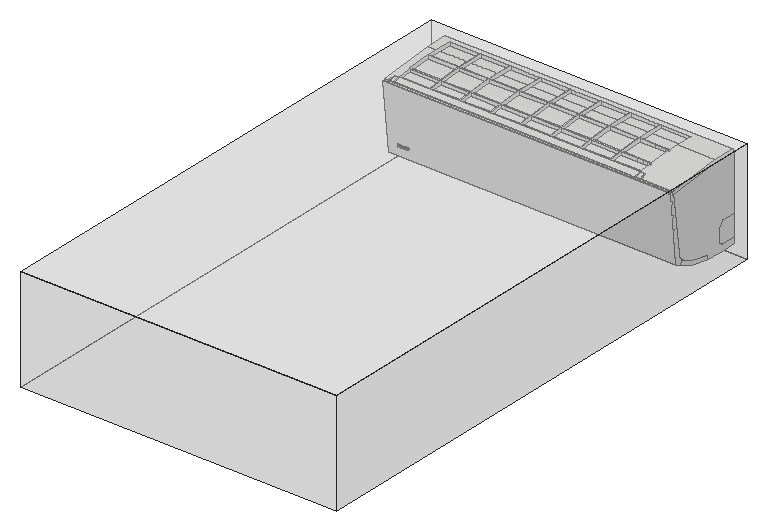
Revit family "outputfile", category 機械設備, Revit 2024 (continued)
Definition of nested family "DAIKIN_indoorunit_FTKF-CV1MF"
  Cuts and joins
    Extrusion 48, Extrusion 50 cuts Extrusion 38
    Extrusion 50 cuts Extrusion 49
    Extrusion 52, Extrusion 54 cuts Extrusion 2
    Extrusion 52, Extrusion 54 cuts Extrusion 6
    Extrusion 54 cuts Extrusion 53
    Extrusion 47 cuts Extrusion 46
  Lines and regions (mm)
    reference lines
      curve 1: line (-523, -203.827, -201.479) -> (-523, -197.847, -215.327)
      curve 2: line (-523, -218.956, -203.806) -> (-523, -217.93, -217.251)
      curve 3: line (-523, -253.284, -206.176) -> (-523, -252.024, -219.601)
  Dimensions and locks
    locked: Extrusion 9 sketch curve to Extrusion 9 sketch curve at 60
    locked: Extrusion 9 sketch curve to Extrusion 9 sketch curve at 50
    locked: Extrusion 11 sketch curve to Extrusion 11 sketch curve at 48.5
    equal spacing: plane 5, plane 3 "Center (Left/Right)", plane 4
    "Width": plane 5 to plane 4
    locked: Extrusion 8 sketch curve to plane 4 at 48
    "WALL HOLE-R": plane 5 to Extrusion 8 sketch curve
    "Height": plane 2 "reference_level" to plane 6
    locked: Extrusion 8 sketch curve to plane 6 at 45  (x2)
    Extrusion 13 to nested 2 = 36.0 mm
    locked: Extrusion 19 sketch curve to Extrusion 19 sketch curve at 60
    locked: Extrusion 20 sketch curve to Extrusion 20 sketch curve at 60
    Extrusion 21 sketch curve to Extrusion 21 sketch curve = 52.0 mm  (x2)
    Extrusion 11 sketch curve to Extrusion 11 sketch curve to plane 3 "Center (Left/Right)" = 60.0 mm locked, 286.0 mm locked
    plane 3 "Center (Left/Right)" to Extrusion 11 sketch curve to Extrusion 11 sketch curve = 259.0 mm locked, 60.0 mm locked
    Extrusion 21 sketch curve to Extrusion 21 sketch curve to plane 3 "Center (Left/Right)" to Extrusion 21 sketch curve to Extrusion 21 sketch curve = 60.0 mm, 309.0 mm, 309.0 mm, 60.0 mm
    Extrusion 42 sketch curve to plane 1 "Center (Front/Back)" = 61.8 mm
    Extrusion 42 sketch curve to Extrusion 42 sketch curve to plane 3 "Center (Left/Right)" to Extrusion 42 sketch curve to Extrusion 42 sketch curve = 73.5 mm locked, 395.5 mm locked, 395.5 mm locked, 73.5 mm locked
    aligned and locked: level to plane 2 "reference_level"
    aligned and locked: Extrusion 11 sketch curve to Extrusion 11 sketch curve  (x2)
    aligned and locked: Extrusion 8 to plane 1 "Center (Front/Back)"
    aligned and locked: nested 2 to curve 2
    aligned and locked: nested 3 to curve 3
    aligned and locked: Extrusion 42 sketch curve to Extrusion 42 sketch curve
  Automatic sketch dimensions
    Extrusion 4 sketch curve to plane 1 "Center (Front/Back)" = 0.0 mm
    plane 1 "Center (Front/Back)" to Extrusion 4 sketch curve = 2.596 mm
    plane 1 "Center (Front/Back)" to Extrusion 4 sketch curve = 22.05 mm
    Extrusion 4 sketch curve to level = 8.0 mm
    Extrusion 4 sketch curve to Extrusion 4 sketch curve = 87.469 mm
    Extrusion 4 sketch curve to Extrusion 4 sketch curve = 23.928 mm
    Extrusion 4 sketch curve to Extrusion 4 sketch curve = 26.307 mm
    Extrusion 4 sketch curve to Extrusion 4 sketch curve = 83.5 mm
    Extrusion 4 sketch curve to level = 28.539 mm
    Extrusion 4 sketch curve to Extrusion 4 sketch curve = 91.44 mm
    Extrusion 4 sketch curve to Extrusion 4 sketch curve = 12.229 mm
    Extrusion 4 sketch curve to Extrusion 4 sketch curve = 32.705 mm
    Extrusion 4 sketch curve to level = 43.491 mm
    Extrusion 4 sketch curve to Extrusion 4 sketch curve = 3.707 mm
    Extrusion 4 sketch curve to Extrusion 4 sketch curve = 52.472 mm
    Extrusion 4 sketch curve to Extrusion 4 sketch curve = 0.0 mm
    plane 1 "Center (Front/Back)" to Extrusion 5 sketch curve = 192.48 mm
    Extrusion 5 sketch curve to Extrusion 5 sketch curve = 11.872 mm
    Extrusion 5 sketch curve to Extrusion 5 sketch curve = 65.26 mm
    Extrusion 5 sketch curve to Extrusion 5 sketch curve = 0.31 mm  (x2)
    Extrusion 5 sketch curve to Extrusion 5 sketch curve = 66.449 mm
    plane 1 "Center (Front/Back)" to Extrusion 5 sketch curve = 22.36 mm
    Extrusion 5 sketch curve to level = 276.027 mm
    Extrusion 5 sketch curve to Extrusion 5 sketch curve = 10.915 mm
    Extrusion 5 sketch curve to Extrusion 5 sketch curve = 42.154 mm
    Extrusion 5 sketch curve to Extrusion 5 sketch curve = 1.37 mm
    Extrusion 5 sketch curve to Extrusion 5 sketch curve = 54.088 mm
    Extrusion 5 sketch curve to Extrusion 5 sketch curve = 0.0 mm  (x2)
    Extrusion 5 sketch curve to level = 43.491 mm
    plane 1 "Center (Front/Back)" to Extrusion 6 sketch curve = 192.48 mm
    Extrusion 6 sketch curve to Extrusion 6 sketch curve = 11.872 mm
    Extrusion 6 sketch curve to Extrusion 6 sketch curve = 65.26 mm
    Extrusion 6 sketch curve to Extrusion 6 sketch curve = 0.31 mm  (x2)
    Extrusion 6 sketch curve to Extrusion 6 sketch curve = 66.449 mm
    plane 1 "Center (Front/Back)" to Extrusion 6 sketch curve = 22.36 mm
    Extrusion 6 sketch curve to level = 276.027 mm
    Extrusion 6 sketch curve to Extrusion 6 sketch curve = 10.915 mm
    Extrusion 6 sketch curve to Extrusion 6 sketch curve = 42.154 mm
    Extrusion 6 sketch curve to Extrusion 6 sketch curve = 1.37 mm
    Extrusion 6 sketch curve to Extrusion 6 sketch curve = 54.088 mm
    Extrusion 6 sketch curve to Extrusion 6 sketch curve = 0.0 mm  (x2)
    Extrusion 6 sketch curve to level = 43.491 mm
    plane 1 "Center (Front/Back)" to Extrusion 7 sketch curve = 72.419 mm
    Extrusion 7 sketch curve to plane 3 "Center (Left/Right)" = 324.633 mm
    Extrusion 7 sketch curve to Extrusion 7 sketch curve = 0.0 mm  (x39)
    plane 1 "Center (Front/Back)" to Extrusion 7 sketch curve = 75.939 mm
    Extrusion 7 sketch curve to Extrusion 7 sketch curve = 20.633 mm  (x2)
    plane 1 "Center (Front/Back)" to Extrusion 7 sketch curve = 74.9 mm
    plane 1 "Center (Front/Back)" to Extrusion 7 sketch curve = 142.3 mm
    Extrusion 7 sketch curve to Extrusion 7 sketch curve = 24.633 mm
    Extrusion 7 sketch curve to Extrusion 7 sketch curve = 69.1 mm
    plane 1 "Center (Front/Back)" to Extrusion 7 sketch curve = 24.5 mm  (x4)
    Extrusion 7 sketch curve to Extrusion 7 sketch curve = 1.4 mm  (x23)
    Extrusion 7 sketch curve to Extrusion 7 sketch curve = 86.6 mm
    Extrusion 7 sketch curve to Extrusion 7 sketch curve = 70.6 mm
    Extrusion 7 sketch curve to Extrusion 7 sketch curve = 20.0 mm  (x4)
    plane 3 "Center (Left/Right)" to Extrusion 7 sketch curve = 36.5 mm  (x2)
    Extrusion 7 sketch curve to Extrusion 7 sketch curve = 87.0 mm
    Extrusion 7 sketch curve to Extrusion 7 sketch curve = 69.717 mm
    Extrusion 7 sketch curve to Extrusion 7 sketch curve = 1.026 mm
    Extrusion 7 sketch curve to Extrusion 7 sketch curve = 38.883 mm
    Extrusion 7 sketch curve to Extrusion 7 sketch curve = 39.104 mm
    Extrusion 7 sketch curve to Extrusion 7 sketch curve = 1.291 mm
    Extrusion 7 sketch curve to Extrusion 7 sketch curve = 1.048 mm  (x5)
    Extrusion 7 sketch curve to Extrusion 7 sketch curve = 41.2 mm
    Extrusion 7 sketch curve to Extrusion 7 sketch curve = 3.496 mm  (x2)
    Extrusion 7 sketch curve to Extrusion 7 sketch curve = 3.508 mm
    Extrusion 7 sketch curve to Extrusion 7 sketch curve = 63.904 mm
    Extrusion 7 sketch curve to Extrusion 7 sketch curve = 66.0 mm
    Extrusion 7 sketch curve to Extrusion 7 sketch curve = 3.386 mm
    Extrusion 9 sketch curve to plane 1 "Center (Front/Back)" = 0.0 mm
    Extrusion 9 sketch curve to Extrusion 9 sketch curve = 20.0 mm  (x2)
    Extrusion 9 sketch curve to level = 273.0 mm
    plane 1 "Center (Front/Back)" to Extrusion 11 sketch curve = 0.0 mm
    Extrusion 11 sketch curve to Extrusion 11 sketch curve = 18.5 mm  (x3)
    Extrusion 11 sketch curve to Extrusion 11 sketch curve = 23.0 mm
    Extrusion 12 sketch curve to level = 0.0 mm
    Extrusion 12 sketch curve to plane 1 "Center (Front/Back)" = 0.0 mm
    plane 1 "Center (Front/Back)" to Extrusion 12 sketch curve = 5.0 mm
    Extrusion 12 sketch curve to plane 1 "Center (Front/Back)" = 14.977 mm
    Extrusion 12 sketch curve to level = 9.02 mm
    Extrusion 12 sketch curve to level = 11.0 mm
    level to Extrusion 12 sketch curve = 9.314 mm
    plane 1 "Center (Front/Back)" to Extrusion 14 sketch curve = 23.5 mm  (x3)
    Extrusion 14 sketch curve to plane 3 "Center (Left/Right)" = 355.499 mm
    Extrusion 14 sketch curve to Extrusion 14 sketch curve = 0.0 mm  (x34)
    Extrusion 14 sketch curve to Extrusion 14 sketch curve = 101.5 mm
    Extrusion 14 sketch curve to Extrusion 14 sketch curve = 2.6 mm  (x8)
    Extrusion 14 sketch curve to Extrusion 14 sketch curve = 99.5 mm  (x2)
    Extrusion 14 sketch curve to plane 3 "Center (Left/Right)" = 54.549 mm
    Extrusion 14 sketch curve to Extrusion 14 sketch curve = 12.0 mm  (x7)
    plane 3 "Center (Left/Right)" to Extrusion 14 sketch curve = 52.301 mm  (x2)
    Extrusion 14 sketch curve to Extrusion 14 sketch curve = 73.2 mm  (x2)
    Extrusion 14 sketch curve to Extrusion 14 sketch curve = 2.4 mm  (x6)
    Extrusion 14 sketch curve to Extrusion 14 sketch curve = 71.0 mm  (x3)
    Extrusion 14 sketch curve to Extrusion 14 sketch curve = 1.6 mm  (x6)
    Extrusion 14 sketch curve to Extrusion 14 sketch curve = 30.0 mm  (x3)
    plane 1 "Center (Front/Back)" to Extrusion 15 sketch curve = 194.856 mm
    Extrusion 15 sketch curve to Extrusion 15 sketch curve = 9.074 mm
    Extrusion 15 sketch curve to Extrusion 15 sketch curve = 86.508 mm
    level to Extrusion 15 sketch curve = 11.72 mm
    plane 1 "Center (Front/Back)" to Extrusion 15 sketch curve = 52.895 mm
    Extrusion 15 sketch curve to Extrusion 15 sketch curve = 0.004 mm
    Extrusion 15 sketch curve to Extrusion 15 sketch curve = 0.033 mm
    Extrusion 15 sketch curve to level = 244.604 mm
    Extrusion 15 sketch curve to Extrusion 15 sketch curve = 7.382 mm
    plane 1 "Center (Front/Back)" to Extrusion 16 sketch curve = 194.856 mm
    Extrusion 16 sketch curve to Extrusion 16 sketch curve = 9.074 mm
    Extrusion 16 sketch curve to Extrusion 16 sketch curve = 86.508 mm
    level to Extrusion 16 sketch curve = 11.72 mm
    plane 1 "Center (Front/Back)" to Extrusion 16 sketch curve = 52.895 mm
    Extrusion 16 sketch curve to Extrusion 16 sketch curve = 0.004 mm
    Extrusion 16 sketch curve to level = 244.604 mm
    Extrusion 16 sketch curve to Extrusion 16 sketch curve = 7.382 mm
    Extrusion 16 sketch curve to Extrusion 16 sketch curve = 10.901 mm
    plane 1 "Center (Front/Back)" to Extrusion 17 sketch curve = 194.856 mm
    Extrusion 17 sketch curve to Extrusion 17 sketch curve = 9.074 mm
    Extrusion 17 sketch curve to Extrusion 17 sketch curve = 86.508 mm
    level to Extrusion 17 sketch curve = 11.72 mm
    plane 1 "Center (Front/Back)" to Extrusion 17 sketch curve = 52.895 mm
    Extrusion 17 sketch curve to Extrusion 17 sketch curve = 0.004 mm
    Extrusion 17 sketch curve to level = 244.604 mm
    Extrusion 17 sketch curve to Extrusion 17 sketch curve = 7.382 mm
    Extrusion 17 sketch curve to Extrusion 17 sketch curve = 10.901 mm
    Extrusion 19 sketch curve to plane 1 "Center (Front/Back)" = 0.0 mm
    Extrusion 19 sketch curve to Extrusion 19 sketch curve = 32.8 mm
    plane 1 "Center (Front/Back)" to Extrusion 19 sketch curve = 32.8 mm
    Extrusion 19 sketch curve to Extrusion 19 sketch curve = 19.2 mm
    Extrusion 19 sketch curve to level = 269.6 mm
    Extrusion 20 sketch curve to plane 1 "Center (Front/Back)" = 0.0 mm
    Extrusion 20 sketch curve to Extrusion 20 sketch curve = 32.8 mm  (x2)
    Extrusion 20 sketch curve to Extrusion 20 sketch curve = 19.2 mm
    Extrusion 20 sketch curve to level = 269.6 mm
    plane 1 "Center (Front/Back)" to Extrusion 21 sketch curve = 0.0 mm  (x2)
    Extrusion 21 sketch curve to Extrusion 21 sketch curve = 20.0 mm  (x4)
    Extrusion 22 sketch curve to plane 3 "Center (Left/Right)" = 339.0 mm
    plane 3 "Center (Left/Right)" to Extrusion 22 sketch curve = 231.0 mm
    plane 1 "Center (Front/Back)" to Extrusion 22 sketch curve = 202.769 mm
    Extrusion 22 sketch curve to Extrusion 22 sketch curve = 17.012 mm
    Extrusion 23 sketch curve to plane 3 "Center (Left/Right)" = 339.0 mm
    Extrusion 23 sketch curve to Extrusion 23 sketch curve = 15.0 mm  (x2)
    plane 3 "Center (Left/Right)" to Extrusion 23 sketch curve = 216.0 mm
    plane 1 "Center (Front/Back)" to Extrusion 23 sketch curve = 202.757 mm  (x2)
    Extrusion 23 sketch curve to Extrusion 23 sketch curve = 17.0 mm  (x2)
    Extrusion 24 sketch curve to plane 3 "Center (Left/Right)" = 324.0 mm
    Extrusion 24 sketch curve to Extrusion 24 sketch curve = 43.629 mm
    Extrusion 24 sketch curve to Extrusion 24 sketch curve = 1.5 mm  (x9)
    Extrusion 24 sketch curve to Extrusion 24 sketch curve = 21.542 mm  (x3)
    Extrusion 24 sketch curve to plane 3 "Center (Left/Right)" = 123.621 mm
    Extrusion 24 sketch curve to plane 3 "Center (Left/Right)" = 9.121 mm
    plane 3 "Center (Left/Right)" to Extrusion 24 sketch curve = 13.921 mm
    Extrusion 24 sketch curve to Extrusion 24 sketch curve = 132.208 mm
    Extrusion 24 sketch curve to Extrusion 24 sketch curve = 43.829 mm
    plane 1 "Center (Front/Back)" to Extrusion 24 sketch curve = 202.757 mm
    plane 1 "Center (Front/Back)" to Extrusion 24 sketch curve = 195.757 mm
    Extrusion 24 sketch curve to Extrusion 24 sketch curve = 7.0 mm  (x2)
    Extrusion 24 sketch curve to Extrusion 24 sketch curve = 3.5 mm  (x4)
    Extrusion 24 sketch curve to Extrusion 24 sketch curve = 12.0 mm
    Extrusion 26 sketch curve to plane 3 "Center (Left/Right)" = 373.412 mm
    Extrusion 26 sketch curve to Extrusion 26 sketch curve = 1.011 mm
    Extrusion 26 sketch curve to Extrusion 26 sketch curve = 15.228 mm
    Extrusion 26 sketch curve to Extrusion 26 sketch curve = 0.132 mm
    plane 3 "Center (Left/Right)" to Extrusion 26 sketch curve = 259.015 mm
    Extrusion 26 sketch curve to Extrusion 26 sketch curve = 0.133 mm
    Extrusion 26 sketch curve to Extrusion 26 sketch curve = 15.197 mm
    Extrusion 26 sketch curve to Extrusion 26 sketch curve = 16.358 mm
    plane 1 "Center (Front/Back)" to Extrusion 26 sketch curve = 238.673 mm
    Extrusion 26 sketch curve to Extrusion 26 sketch curve = 34.983 mm
    Extrusion 26 sketch curve to Extrusion 26 sketch curve = 3.79 mm  (x2)
    plane 3 "Center (Left/Right)" to Extrusion 26 sketch curve = 247.689 mm
    plane 1 "Center (Front/Back)" to Extrusion 26 sketch curve = 58.091 mm
    Extrusion 27 sketch curve to plane 3 "Center (Left/Right)" = 373.099 mm
    Extrusion 27 sketch curve to Extrusion 27 sketch curve = 0.698 mm
    Extrusion 27 sketch curve to Extrusion 27 sketch curve = 15.228 mm
    Extrusion 27 sketch curve to Extrusion 27 sketch curve = 0.132 mm
    Extrusion 27 sketch curve to Extrusion 27 sketch curve = 1.99 mm
    plane 3 "Center (Left/Right)" to Extrusion 27 sketch curve = 257.001 mm
    Extrusion 27 sketch curve to Extrusion 27 sketch curve = 2.014 mm
    Extrusion 27 sketch curve to Extrusion 27 sketch curve = 0.133 mm
    Extrusion 27 sketch curve to Extrusion 27 sketch curve = 15.196 mm
    Extrusion 27 sketch curve to Extrusion 27 sketch curve = 18.053 mm
    plane 1 "Center (Front/Back)" to Extrusion 27 sketch curve = 226.673 mm  (x2)
    Extrusion 27 sketch curve to Extrusion 27 sketch curve = 22.983 mm  (x2)
    Extrusion 27 sketch curve to Extrusion 27 sketch curve = 3.79 mm  (x2)
    Extrusion 28 sketch curve to plane 3 "Center (Left/Right)" = 355.05 mm
    plane 3 "Center (Left/Right)" to Extrusion 28 sketch curve = 257.001 mm
    plane 1 "Center (Front/Back)" to Extrusion 28 sketch curve = 226.673 mm
    Extrusion 28 sketch curve to Extrusion 28 sketch curve = 22.983 mm
    Extrusion 29 sketch curve to level = 0.0 mm
    Extrusion 29 sketch curve to level = 30.0 mm
    plane 1 "Center (Front/Back)" to Extrusion 29 sketch curve = 238.673 mm
    Extrusion 29 sketch curve to Extrusion 29 sketch curve = 38.773 mm
    Extrusion 29 sketch curve to Extrusion 29 sketch curve = 0.0 mm  (x2)
    plane 1 "Center (Front/Back)" to Extrusion 29 sketch curve = 45.84 mm
    Extrusion 29 sketch curve to plane 1 "Center (Front/Back)" = 14.977 mm
    Extrusion 29 sketch curve to Extrusion 29 sketch curve = 994.66 mm
    Extrusion 29 sketch curve to Extrusion 29 sketch curve = 0.163 mm
    Extrusion 29 sketch curve to Extrusion 29 sketch curve = 7.224 mm
    Extrusion 29 sketch curve to level = 11.646 mm
    level to Extrusion 29 sketch curve = 9.314 mm
    Extrusion 29 sketch curve to Extrusion 29 sketch curve = 13.398 mm
    Extrusion 30 sketch curve to Extrusion 30 sketch curve = 0.0 mm  (x2)
    plane 1 "Center (Front/Back)" to Extrusion 30 sketch curve = 189.887 mm
    Extrusion 30 sketch curve to Extrusion 30 sketch curve = 11.307 mm
    Extrusion 30 sketch curve to Extrusion 30 sketch curve = 46.464 mm
    Extrusion 30 sketch curve to Extrusion 30 sketch curve = 21.724 mm
    Extrusion 30 sketch curve to level = 277.1 mm
    Extrusion 30 sketch curve to Extrusion 30 sketch curve = 22.499 mm
    Extrusion 31 sketch curve to Extrusion 31 sketch curve = 0.0 mm  (x2)
    plane 1 "Center (Front/Back)" to Extrusion 31 sketch curve = 189.887 mm
    Extrusion 31 sketch curve to Extrusion 31 sketch curve = 11.307 mm
    Extrusion 31 sketch curve to Extrusion 31 sketch curve = 46.464 mm
    Extrusion 31 sketch curve to Extrusion 31 sketch curve = 21.724 mm
    Extrusion 31 sketch curve to level = 277.1 mm
    Extrusion 31 sketch curve to Extrusion 31 sketch curve = 22.499 mm
    Extrusion 32 sketch curve to Extrusion 32 sketch curve = 0.0 mm  (x2)
    plane 1 "Center (Front/Back)" to Extrusion 32 sketch curve = 185.929 mm
    Extrusion 32 sketch curve to Extrusion 32 sketch curve = 6.899 mm
    Extrusion 32 sketch curve to Extrusion 32 sketch curve = 9.219 mm
    Extrusion 32 sketch curve to Extrusion 32 sketch curve = 7.915 mm
    Extrusion 32 sketch curve to level = 264.005 mm
    Extrusion 32 sketch curve to Extrusion 32 sketch curve = 7.405 mm
    Extrusion 33 sketch curve to Extrusion 33 sketch curve = 0.0 mm  (x2)
    plane 1 "Center (Front/Back)" to Extrusion 33 sketch curve = 185.929 mm
    Extrusion 33 sketch curve to Extrusion 33 sketch curve = 6.899 mm
    Extrusion 33 sketch curve to Extrusion 33 sketch curve = 9.219 mm
    Extrusion 33 sketch curve to Extrusion 33 sketch curve = 7.915 mm
    Extrusion 33 sketch curve to level = 264.005 mm
    Extrusion 33 sketch curve to Extrusion 33 sketch curve = 7.405 mm
    plane 1 "Center (Front/Back)" to Extrusion 36 sketch curve = 233.849 mm
    Extrusion 36 sketch curve to Extrusion 36 sketch curve = 11.574 mm
    Extrusion 36 sketch curve to Extrusion 36 sketch curve = 106.825 mm
    Extrusion 36 sketch curve to Extrusion 36 sketch curve = 0.0 mm
    level to Extrusion 36 sketch curve = 3.941 mm
    plane 1 "Center (Front/Back)" to Extrusion 36 sketch curve = 90.201 mm
    Extrusion 36 sketch curve to Extrusion 36 sketch curve = 0.002 mm
    Extrusion 36 sketch curve to Extrusion 36 sketch curve = 0.776 mm
    Extrusion 36 sketch curve to level = 250.06 mm
    Extrusion 36 sketch curve to Extrusion 36 sketch curve = 9.301 mm
    Extrusion 36 sketch curve to Extrusion 36 sketch curve = 31.169 mm
    Extrusion 36 sketch curve to Extrusion 36 sketch curve = 13.702 mm
    Extrusion 36 sketch curve to Extrusion 36 sketch curve = 27.641 mm
    plane 1 "Center (Front/Back)" to Extrusion 37 sketch curve = 233.849 mm
    Extrusion 37 sketch curve to Extrusion 37 sketch curve = 11.574 mm
    Extrusion 37 sketch curve to Extrusion 37 sketch curve = 106.825 mm
    Extrusion 37 sketch curve to Extrusion 37 sketch curve = 0.0 mm
    level to Extrusion 37 sketch curve = 3.941 mm
    plane 1 "Center (Front/Back)" to Extrusion 37 sketch curve = 90.201 mm
    Extrusion 37 sketch curve to Extrusion 37 sketch curve = 0.002 mm
    Extrusion 37 sketch curve to Extrusion 37 sketch curve = 0.776 mm
    Extrusion 37 sketch curve to level = 250.06 mm
    Extrusion 37 sketch curve to Extrusion 37 sketch curve = 9.301 mm
    Extrusion 37 sketch curve to Extrusion 37 sketch curve = 31.169 mm
    Extrusion 37 sketch curve to Extrusion 37 sketch curve = 13.702 mm
    Extrusion 37 sketch curve to Extrusion 37 sketch curve = 27.641 mm
    plane 1 "Center (Front/Back)" to Extrusion 38 sketch curve = 233.849 mm
    Extrusion 38 sketch curve to Extrusion 38 sketch curve = 11.574 mm
    Extrusion 38 sketch curve to Extrusion 38 sketch curve = 106.825 mm
    Extrusion 38 sketch curve to Extrusion 38 sketch curve = 0.0 mm
    level to Extrusion 38 sketch curve = 3.941 mm
    plane 1 "Center (Front/Back)" to Extrusion 38 sketch curve = 90.201 mm
    Extrusion 38 sketch curve to Extrusion 38 sketch curve = 0.002 mm
    Extrusion 38 sketch curve to Extrusion 38 sketch curve = 0.776 mm
    Extrusion 38 sketch curve to level = 250.06 mm
    Extrusion 38 sketch curve to Extrusion 38 sketch curve = 9.301 mm
    Extrusion 38 sketch curve to Extrusion 38 sketch curve = 31.169 mm
    Extrusion 38 sketch curve to Extrusion 38 sketch curve = 13.702 mm
    Extrusion 38 sketch curve to Extrusion 38 sketch curve = 27.641 mm
    Extrusion 40 sketch curve to plane 1 "Center (Front/Back)" = 0.0 mm
    plane 1 "Center (Front/Back)" to Extrusion 40 sketch curve = 41.8 mm
    Extrusion 40 sketch curve to Extrusion 40 sketch curve = 0.0 mm  (x2)
    Extrusion 40 sketch curve to Extrusion 40 sketch curve = 20.0 mm
    Extrusion 40 sketch curve to level = 275.5 mm
    Extrusion 40 sketch curve to Extrusion 40 sketch curve = 33.5 mm
    Extrusion 41 sketch curve to plane 1 "Center (Front/Back)" = 0.0 mm
    plane 1 "Center (Front/Back)" to Extrusion 41 sketch curve = 41.8 mm
    Extrusion 41 sketch curve to Extrusion 41 sketch curve = 0.0 mm
    Extrusion 41 sketch curve to Extrusion 41 sketch curve = 20.0 mm
    Extrusion 41 sketch curve to level = 202.0 mm
    Extrusion 41 sketch curve to Extrusion 41 sketch curve = 33.5 mm
    plane 1 "Center (Front/Back)" to Extrusion 42 sketch curve = 0.0 mm  (x2)
    Extrusion 42 sketch curve to Extrusion 42 sketch curve = 20.0 mm  (x4)
    plane 3 "Center (Left/Right)" to Extrusion 44 sketch curve = 380.0 mm
    Extrusion 46 sketch curve to plane 3 "Center (Left/Right)" = 466.5 mm
    plane 3 "Center (Left/Right)" to Extrusion 46 sketch curve = 366.0 mm
    plane 1 "Center (Front/Back)" to Extrusion 46 sketch curve = 264.436 mm
    Extrusion 46 sketch curve to Extrusion 46 sketch curve = 25.436 mm
    Extrusion 47 sketch curve to level = 33.272 mm
    Extrusion 47 sketch curve to level = 22.853 mm
    level to Extrusion 47 sketch curve = 5.0 mm
    Extrusion 48 sketch curve to Extrusion 48 sketch curve = 20.148 mm
    Extrusion 48 sketch curve to Extrusion 48 sketch curve = 44.745 mm
    Extrusion 48 sketch curve to Extrusion 48 sketch curve = 22.502 mm
    level to Extrusion 48 sketch curve = 6.546 mm
    plane 1 "Center (Front/Back)" to Extrusion 48 sketch curve = 89.423 mm
    Extrusion 48 sketch curve to Extrusion 48 sketch curve = 0.0 mm  (x2)
    Extrusion 48 sketch curve to Extrusion 48 sketch curve = 11.127 mm
    Extrusion 49 sketch curve to Extrusion 49 sketch curve = 0.0 mm  (x2)
    level to Extrusion 49 sketch curve = 6.546 mm
    plane 1 "Center (Front/Back)" to Extrusion 49 sketch curve = 89.423 mm
    Extrusion 49 sketch curve to level = 261.498 mm
    Extrusion 49 sketch curve to Extrusion 49 sketch curve = 11.127 mm
    Extrusion 49 sketch curve to Extrusion 49 sketch curve = 64.893 mm
    Extrusion 49 sketch curve to Extrusion 49 sketch curve = 20.148 mm
    Extrusion 50 sketch curve to Extrusion 50 sketch curve = 8.97 mm
    Extrusion 50 sketch curve to Extrusion 50 sketch curve = 7.404 mm
    level to Extrusion 50 sketch curve = 6.546 mm
    Extrusion 50 sketch curve to Extrusion 50 sketch curve = 6.785 mm
    Extrusion 50 sketch curve to Extrusion 50 sketch curve = 7.726 mm
    Extrusion 50 sketch curve to Extrusion 50 sketch curve = 0.0 mm  (x2)
    plane 1 "Center (Front/Back)" to Extrusion 50 sketch curve = 89.423 mm
    Extrusion 51 sketch curve to Extrusion 51 sketch curve = 0.0 mm  (x2)
    level to Extrusion 51 sketch curve = 6.546 mm
    plane 1 "Center (Front/Back)" to Extrusion 51 sketch curve = 89.423 mm
    Extrusion 51 sketch curve to level = 263.5 mm
    Extrusion 51 sketch curve to Extrusion 51 sketch curve = 6.785 mm
    Extrusion 51 sketch curve to Extrusion 51 sketch curve = 16.697 mm
    Extrusion 51 sketch curve to Extrusion 51 sketch curve = 7.726 mm
    Extrusion 10 sketch curve to plane 1 "Center (Front/Back)" = 0.0 mm
    plane 1 "Center (Front/Back)" to Extrusion 10 sketch curve = 30.0 mm
    Extrusion 10 sketch curve to Extrusion 10 sketch curve = 0.0 mm
    Extrusion 10 sketch curve to Extrusion 10 sketch curve = 20.0 mm  (x2)
    Extrusion 10 sketch curve to level = 273.0 mm
    Extrusion 3 sketch curve to level = 13.692 mm
    plane 1 "Center (Front/Back)" to Extrusion 3 sketch curve = 211.618 mm
    Extrusion 3 sketch curve to Extrusion 3 sketch curve = 0.618 mm
    Extrusion 3 sketch curve to Extrusion 3 sketch curve = 1.902 mm
    Extrusion 3 sketch curve to Extrusion 3 sketch curve = 2.0 mm
    Extrusion 3 sketch curve to level = 10.816 mm
    Extrusion 3 sketch curve to Extrusion 3 sketch curve = 8.849 mm
    Extrusion 3 sketch curve to Extrusion 3 sketch curve = 2.652 mm
    Extrusion 3 sketch curve to Extrusion 3 sketch curve = 151.871 mm
    Extrusion 3 sketch curve to Extrusion 3 sketch curve = 95.0 mm
    Extrusion 3 sketch curve to Extrusion 3 sketch curve = 10.31 mm
    Extrusion 3 sketch curve to Extrusion 3 sketch curve = 6.572 mm
    Extrusion 3 sketch curve to Extrusion 3 sketch curve = 0.097 mm
    Extrusion 3 sketch curve to Extrusion 3 sketch curve = 0.31 mm
    Extrusion 3 sketch curve to Extrusion 3 sketch curve = 11.812 mm
    plane 1 "Center (Front/Back)" to Extrusion 2 sketch curve = 115.348 mm
    plane 1 "Center (Front/Back)" to Extrusion 2 sketch curve = 22.36 mm
    Extrusion 2 sketch curve to level = 167.5 mm
    Extrusion 2 sketch curve to level = 43.491 mm
    Extrusion 2 sketch curve to Extrusion 2 sketch curve = 1.189 mm
    Extrusion 2 sketch curve to Extrusion 2 sketch curve = 58.182 mm
    Extrusion 2 sketch curve to Extrusion 2 sketch curve = 0.0 mm  (x4)
    Extrusion 2 sketch curve to Extrusion 2 sketch curve = 20.14 mm
    Extrusion 2 sketch curve to Extrusion 2 sketch curve = 0.31 mm  (x2)
    Extrusion 2 sketch curve to Extrusion 2 sketch curve = 11.872 mm
    Extrusion 2 sketch curve to Extrusion 2 sketch curve = 6.31 mm
    Extrusion 52 sketch curve to Extrusion 52 sketch curve = 0.0 mm  (x5)
    Extrusion 52 sketch curve to Extrusion 52 sketch curve = 52.75 mm
    plane 1 "Center (Front/Back)" to Extrusion 52 sketch curve = 22.36 mm
    Extrusion 52 sketch curve to Extrusion 52 sketch curve = 35.994 mm
    Extrusion 52 sketch curve to Extrusion 52 sketch curve = 64.506 mm
    Extrusion 52 sketch curve to level = 43.491 mm
    Extrusion 52 sketch curve to Extrusion 52 sketch curve = 6.981 mm
    Extrusion 52 sketch curve to Extrusion 52 sketch curve = 5.769 mm
    Extrusion 52 sketch curve to Extrusion 52 sketch curve = 3.0 mm
    Extrusion 52 sketch curve to Extrusion 52 sketch curve = 11.895 mm
    plane 1 "Center (Front/Back)" to Extrusion 53 sketch curve = 22.36 mm
    Extrusion 53 sketch curve to level = 43.491 mm
    Extrusion 53 sketch curve to Extrusion 53 sketch curve = 5.097 mm
    Extrusion 53 sketch curve to Extrusion 53 sketch curve = 48.896 mm
    Extrusion 53 sketch curve to Extrusion 53 sketch curve = 0.0 mm  (x6)
    Extrusion 53 sketch curve to Extrusion 53 sketch curve = 8.769 mm
    Extrusion 53 sketch curve to Extrusion 53 sketch curve = 11.895 mm
    Extrusion 53 sketch curve to Extrusion 53 sketch curve = 6.981 mm
    Extrusion 53 sketch curve to Extrusion 53 sketch curve = 3.0 mm
    Extrusion 54 sketch curve to Extrusion 54 sketch curve = 0.0 mm  (x6)
    Extrusion 54 sketch curve to Extrusion 54 sketch curve = 9.206 mm
    Extrusion 54 sketch curve to Extrusion 54 sketch curve = 61.422 mm
    plane 1 "Center (Front/Back)" to Extrusion 54 sketch curve = 22.36 mm
    Extrusion 54 sketch curve to Extrusion 54 sketch curve = 11.007 mm
    Extrusion 54 sketch curve to level = 43.491 mm
    Extrusion 54 sketch curve to Extrusion 54 sketch curve = 4.409 mm
    Extrusion 54 sketch curve to Extrusion 54 sketch curve = 1.8 mm
    Extrusion 54 sketch curve to Extrusion 54 sketch curve = 5.228 mm
    Extrusion 55 sketch curve to Extrusion 55 sketch curve = 61.422 mm
    Extrusion 55 sketch curve to level = 235.993 mm
    Extrusion 55 sketch curve to Extrusion 55 sketch curve = 4.409 mm
    Extrusion 55 sketch curve to Extrusion 55 sketch curve = 6.229 mm
    plane 1 "Center (Front/Back)" to Extrusion 55 sketch curve = 22.36 mm
    Extrusion 55 sketch curve to Extrusion 55 sketch curve = 0.0 mm  (x6)
    Extrusion 55 sketch curve to Extrusion 55 sketch curve = 8.205 mm
    Extrusion 55 sketch curve to Extrusion 55 sketch curve = 5.228 mm
    Extrusion 55 sketch curve to Extrusion 55 sketch curve = 1.8 mm
    Extrusion 25 sketch curve to Extrusion 25 sketch curve = 0.0 mm  (x4)
    Extrusion 25 sketch curve to level = 0.0 mm
    Extrusion 25 sketch curve to level = 35.0 mm
    plane 1 "Center (Front/Back)" to Extrusion 25 sketch curve = 205.202 mm
    Extrusion 25 sketch curve to Extrusion 25 sketch curve = 19.445 mm
    plane 1 "Center (Front/Back)" to Extrusion 25 sketch curve = 104.232 mm
    Extrusion 25 sketch curve to Extrusion 25 sketch curve = 209.941 mm
    Extrusion 25 sketch curve to Extrusion 25 sketch curve = 4.474 mm
    Extrusion 25 sketch curve to Extrusion 25 sketch curve = 8.811 mm
    Extrusion 12 sketch curve to Extrusion 12 sketch curve = 1.396 mm
    plane 1 "Center (Front/Back)" to Extrusion 12 sketch curve = 45.84 mm
    Extrusion 12 sketch curve to Extrusion 12 sketch curve = 0.0 mm
    Extrusion 12 sketch curve to Extrusion 12 sketch curve = 0.163 mm
    Extrusion 12 sketch curve to level = 26.758 mm
    Extrusion 18 sketch curve to plane 1 "Center (Front/Back)" = 0.0 mm
    level to Extrusion 18 sketch curve = 4.099 mm
    Extrusion 18 sketch curve to Extrusion 18 sketch curve = 0.857 mm
    Extrusion 18 sketch curve to Extrusion 18 sketch curve = 6.16 mm
    Extrusion 18 sketch curve to Extrusion 18 sketch curve = 46.473 mm
    Extrusion 18 sketch curve to Extrusion 18 sketch curve = 0.052 mm
    Extrusion 18 sketch curve to Extrusion 18 sketch curve = 69.066 mm
    Extrusion 18 sketch curve to Extrusion 18 sketch curve = 29.316 mm
    Extrusion 18 sketch curve to level = 26.762 mm
    Extrusion 18 sketch curve to Extrusion 18 sketch curve = 178.061 mm
    Extrusion 18 sketch curve to Extrusion 18 sketch curve = 4.015 mm
    Extrusion 18 sketch curve to Extrusion 18 sketch curve = 52.325 mm
    Extrusion 18 sketch curve to Extrusion 18 sketch curve = 11.703 mm
    Extrusion 18 sketch curve to Extrusion 18 sketch curve = 3.729 mm
    Extrusion 18 sketch curve to Extrusion 18 sketch curve = 7.779 mm
    Extrusion 18 sketch curve to level = 11.0 mm
    plane 1 "Center (Front/Back)" to Extrusion 18 sketch curve = 45.84 mm
    Extrusion 13 sketch curve to level = 15.416 mm
    plane 1 "Center (Front/Back)" to Extrusion 13 sketch curve = 197.648 mm
    Extrusion 13 sketch curve to Extrusion 13 sketch curve = 21.851 mm
    Extrusion 13 sketch curve to Extrusion 13 sketch curve = 8.255 mm
    plane 1 "Center (Front/Back)" to Extrusion 13 sketch curve = 46.245 mm
    Extrusion 13 sketch curve to Extrusion 13 sketch curve = 6.169 mm
    Extrusion 13 sketch curve to Extrusion 13 sketch curve = 10.292 mm
    Extrusion 13 sketch curve to Extrusion 13 sketch curve = 0.363 mm
    Extrusion 13 sketch curve to Extrusion 13 sketch curve = 1.994 mm
    Extrusion 13 sketch curve to Extrusion 13 sketch curve = 5.69 mm
    Extrusion 13 sketch curve to Extrusion 13 sketch curve = 20.433 mm
    Extrusion 13 sketch curve to Extrusion 13 sketch curve = 0.0 mm  (x3)
    Extrusion 13 sketch curve to Extrusion 13 sketch curve = 1.84 mm
    Extrusion 13 sketch curve to Extrusion 13 sketch curve = 9.251 mm
    Extrusion 13 sketch curve to Extrusion 13 sketch curve = 6.958 mm
    Extrusion 13 sketch curve to Extrusion 13 sketch curve = 0.157 mm
    Extrusion 13 sketch curve to level = 12.416 mm
    Extrusion 13 sketch curve to Extrusion 13 sketch curve = 201.658 mm
    Extrusion 34 sketch curve to plane 1 "Center (Front/Back)" = 0.0 mm
    Extrusion 34 sketch curve to level = 9.411 mm
    level to Extrusion 34 sketch curve = 0.0 mm
    plane 1 "Center (Front/Back)" to Extrusion 34 sketch curve = 5.217 mm
    Extrusion 34 sketch curve to Extrusion 34 sketch curve = 1.455 mm
    Extrusion 34 sketch curve to level = 10.748 mm
    Extrusion 34 sketch curve to Extrusion 34 sketch curve = 76.023 mm
    Extrusion 34 sketch curve to Extrusion 34 sketch curve = 0.06 mm
    Extrusion 34 sketch curve to level = 288.701 mm
    Extrusion 34 sketch curve to level = 18.596 mm
    Extrusion 34 sketch curve to Extrusion 34 sketch curve = 1.224 mm
    Extrusion 34 sketch curve to Extrusion 34 sketch curve = 3.693 mm
    Extrusion 34 sketch curve to level = 29.099 mm
    Extrusion 34 sketch curve to Extrusion 34 sketch curve = 1.436 mm
    Extrusion 35 sketch curve to plane 1 "Center (Front/Back)" = 0.0 mm
    plane 1 "Center (Front/Back)" to Extrusion 35 sketch curve = 61.8 mm
    Extrusion 35 sketch curve to level = 11.0 mm
    plane 1 "Center (Front/Back)" to Extrusion 35 sketch curve = 61.32 mm
    Extrusion 35 sketch curve to Extrusion 35 sketch curve = 52.85 mm
    Extrusion 35 sketch curve to Extrusion 35 sketch curve = 286.0 mm
    Extrusion 35 sketch curve to Extrusion 35 sketch curve = 2.004 mm
    Extrusion 35 sketch curve to Extrusion 35 sketch curve = 14.501 mm
    plane 1 "Center (Front/Back)" to Extrusion 35 sketch curve = 82.524 mm
    Extrusion 35 sketch curve to level = 29.099 mm
    Extrusion 35 sketch curve to level = 222.656 mm
    Extrusion 35 sketch curve to Extrusion 35 sketch curve = 43.948 mm
    Extrusion 35 sketch curve to Extrusion 35 sketch curve = 6.011 mm
    Extrusion 35 sketch curve to Extrusion 35 sketch curve = 14.16 mm
    level to Extrusion 35 sketch curve = 3.956 mm
    Extrusion 35 sketch curve to Extrusion 35 sketch curve = 28.88 mm
    Extrusion 35 sketch curve to Extrusion 35 sketch curve = 602.782 mm
    plane 1 "Center (Front/Back)" to Extrusion 39 sketch curve = 234.424 mm
    level to Extrusion 39 sketch curve = 23.59 mm
    plane 1 "Center (Front/Back)" to Extrusion 39 sketch curve = 83.906 mm
    Extrusion 39 sketch curve to level = 258.8 mm
    Extrusion 39 sketch curve to Extrusion 39 sketch curve = 14.508 mm
    Extrusion 39 sketch curve to Extrusion 39 sketch curve = 11.757 mm
    Extrusion 39 sketch curve to Extrusion 39 sketch curve = 9.554 mm
    Extrusion 39 sketch curve to Extrusion 39 sketch curve = 13.936 mm
    Extrusion 39 sketch curve to Extrusion 39 sketch curve = 26.899 mm
    Extrusion 39 sketch curve to Extrusion 39 sketch curve = 6.12 mm
    Extrusion 39 sketch curve to level = 18.854 mm
    Extrusion 39 sketch curve to level = 21.943 mm
    Extrusion 39 sketch curve to Extrusion 39 sketch curve = 7.064 mm
    plane 1 "Center (Front/Back)" to Extrusion 39 sketch curve = 81.184 mm
    Extrusion 39 sketch curve to Extrusion 39 sketch curve = 3.033 mm
    Extrusion 39 sketch curve to Extrusion 39 sketch curve = 0.318 mm
    Extrusion 39 sketch curve to Extrusion 39 sketch curve = 0.0 mm
    Extrusion 39 sketch curve to Extrusion 39 sketch curve = 1.499 mm
    curve 3 to level = 219.601 mm
    plane 1 "Center (Front/Back)" to curve 1 = 197.847 mm
    curve 3 to curve 2 = 2.35 mm
    curve 2 to curve 1 = 1.924 mm
    curve 3 to curve 3 = 13.425 mm
    curve 2 to curve 2 = 13.445 mm
    curve 1 to curve 1 = 13.848 mm
    curve 1 to curve 1 = 5.98 mm
    curve 1 to curve 2 = 20.083 mm
    curve 2 to curve 2 = 1.025 mm
    curve 2 to curve 3 = 34.094 mm
    curve 3 to curve 3 = 1.26 mm
    plane 1 "Center (Front/Back)" to Extrusion 43 sketch curve = 23.5 mm  (x4)
    Extrusion 43 sketch curve to plane 3 "Center (Left/Right)" = 465.5 mm
    Extrusion 43 sketch curve to Extrusion 43 sketch curve = 0.0 mm  (x44)
    Extrusion 43 sketch curve to Extrusion 43 sketch curve = 104.0 mm
    Extrusion 43 sketch curve to Extrusion 43 sketch curve = 2.5 mm  (x21)
    Extrusion 43 sketch curve to Extrusion 43 sketch curve = 101.0 mm  (x4)
    Extrusion 43 sketch curve to plane 3 "Center (Left/Right)" = 51.0 mm
    plane 3 "Center (Left/Right)" to Extrusion 43 sketch curve = 52.5 mm
    Extrusion 43 sketch curve to Extrusion 43 sketch curve = 57.7 mm
    Extrusion 43 sketch curve to Extrusion 43 sketch curve = 16.8 mm  (x3)
    Extrusion 43 sketch curve to Extrusion 43 sketch curve = 17.25 mm  (x3)
    Extrusion 43 sketch curve to Extrusion 43 sketch curve = 12.25 mm  (x2)
    Extrusion 43 sketch curve to Extrusion 43 sketch curve = 89.0 mm  (x3)
    Extrusion 43 sketch curve to Extrusion 43 sketch curve = 3.0 mm  (x11)
    Extrusion 43 sketch curve to Extrusion 43 sketch curve = 77.2 mm  (x4)
    Extrusion 43 sketch curve to Extrusion 43 sketch curve = 41.1 mm  (x4)
    Extrusion 45 sketch curve to plane 3 "Center (Left/Right)" = 482.5 mm
    Extrusion 45 sketch curve to Extrusion 45 sketch curve = 2.0 mm
    plane 1 "Center (Front/Back)" to Extrusion 45 sketch curve = 254.0 mm
    Extrusion 45 sketch curve to Extrusion 45 sketch curve = 15.0 mm  (x2)
    Extrusion 45 sketch curve to Extrusion 45 sketch curve = 14.0 mm
    Extrusion 45 sketch curve to Extrusion 45 sketch curve = 11.0 mm  (x2)
    plane 3 "Center (Left/Right)" to Extrusion 45 sketch curve = 367.0 mm
    Extrusion 45 sketch curve to Extrusion 45 sketch curve = 17.5 mm
    Extrusion 45 sketch curve to Extrusion 45 sketch curve = 4.5 mm
    plane 1 "Center (Front/Back)" to Extrusion 45 sketch curve = 265.0 mm
    Extrusion 44 sketch curve to Extrusion 44 sketch curve = 4.5 mm
    Extrusion 44 sketch curve to Extrusion 44 sketch curve = 10.436 mm  (x2)
    Extrusion 44 sketch curve to plane 3 "Center (Left/Right)" = 480.5 mm
    plane 1 "Center (Front/Back)" to Extrusion 44 sketch curve = 264.436 mm
    Extrusion 44 sketch curve to Extrusion 44 sketch curve = 2.0 mm
    Extrusion 44 sketch curve to Extrusion 44 sketch curve = 15.0 mm
    Extrusion 47 sketch curve to Extrusion 47 sketch curve = 39.736 mm
    Extrusion 47 sketch curve to Extrusion 47 sketch curve = 0.0 mm
    Extrusion 47 sketch curve to Extrusion 47 sketch curve = 10.742 mm
    plane 1 "Center (Front/Back)" to Extrusion 47 sketch curve = 81.299 mm
    Extrusion 47 sketch curve to Extrusion 47 sketch curve = 4.812 mm
    Extrusion 47 sketch curve to level = 29.099 mm
    Extrusion 47 sketch curve to Extrusion 47 sketch curve = 6.248 mm
    Extrusion 47 sketch curve to Extrusion 47 sketch curve = 1.224 mm
    Extrusion 47 sketch curve to Extrusion 47 sketch curve = 3.693 mm
    Extrusion 47 sketch curve to Extrusion 47 sketch curve = 10.502 mm
    plane 1 "Center (Front/Back)" to Extrusion 7 sketch curve = 72.431 mm
    Extrusion 7 sketch curve to Extrusion 7 sketch curve = 20.4 mm
    Extrusion 7 sketch curve to Extrusion 7 sketch curve = 17.5 mm  (x2)
    Extrusion 7 sketch curve to Extrusion 7 sketch curve = 0.877 mm
    Extrusion 7 sketch curve to Extrusion 7 sketch curve = 2.9 mm
    Extrusion 7 sketch curve to Extrusion 7 sketch curve = 17.663 mm
    Extrusion 7 sketch curve to Extrusion 7 sketch curve = 0.917 mm
    Extrusion 7 sketch curve to Extrusion 7 sketch curve = 69.3 mm
    Extrusion 7 sketch curve to Extrusion 7 sketch curve = 3.234 mm
    Extrusion 7 sketch curve to Extrusion 7 sketch curve = 64.166 mm
    Extrusion 14 sketch curve to Extrusion 14 sketch curve = 62.5 mm  (x2)
    Extrusion 14 sketch curve to Extrusion 14 sketch curve = 27.0 mm
    Extrusion 14 sketch curve to Extrusion 14 sketch curve = 15.0 mm
    Extrusion 14 sketch curve to Extrusion 14 sketch curve = 102.6 mm
    Extrusion 14 sketch curve to Extrusion 14 sketch curve = 18.0 mm  (x3)
    Extrusion 1 sketch curve to level = 0.0 mm
    Extrusion 1 sketch curve to level = 20.555 mm
    Extrusion 1 sketch curve to level = 29.25 mm
    Extrusion 1 sketch curve to Extrusion 1 sketch curve = 0.152 mm
    plane 1 "Center (Front/Back)" to Extrusion 1 sketch curve = 109.608 mm
    Extrusion 1 sketch curve to Extrusion 1 sketch curve = 0.089 mm
    plane 1 "Center (Front/Back)" to Extrusion 1 sketch curve = 8.198 mm
    plane 1 "Center (Front/Back)" to Extrusion 1 sketch curve = 2.596 mm
    Extrusion 1 sketch curve to Extrusion 1 sketch curve = 1.198 mm
    Extrusion 1 sketch curve to level = 8.0 mm
    Extrusion 4 sketch curve to Extrusion 4 sketch curve = 2.422 mm
    Extrusion 4 sketch curve to Extrusion 4 sketch curve = 21.82 mm
    radius of Extrusion 8 sketch curve = 40.0 mm  (x2)
  Nested families
    nested 1: "daikin_logo_plane_w40" at (-279, -204.799, -198.831) x (1, 0, 0) z (0, -0.9181, -0.3964), visible <- "switch_unit1_20-25", type "daikin_logo_plane_w40"
      with show_logo yes
    nested 2: "daikin_logo_plane_w40" at (-299, -218.583, -208.69) x (1, 0, 0) z (0, -0.9971, -0.076), visible <- "switch_unit1_35-50", type "daikin_logo_plane_w40"
      with show_logo yes
    nested 3: "daikin_logo_plane_w40" at (-409, -252.827, -211.052) x (1, 0, 0) z (0, -0.9956, -0.0934), visible <- "switch_unit1_60-71", type "daikin_logo_plane_w40"
      with show_logo yes
  Definition of nested family "daikin_logo_plane_w40"
    Parameters (values of type "daikin_logo_plane_w40")
      width = 40.0 mm
      show_logo [instance] = yes
      material = none
      height = 0.0 mm
      depth = 0.0 mm
      Default Elevation = 1219.2 mm
    Reference planes
      plane 1 "Center (Front/Back)": y = 0
      plane 2: z = 0
      plane 3 "Center (Left/Right)": x = 0
      plane 4: z = 2
      plane 5 "left": x = -19
      plane 6: x = 19
    Forms (mm)
      Extrusion 1, solid, visible <- "show_logo"
        sketch origin (-19, 0, 0) x (1, 0, 0) y (0, 1, 0)
          loop
            line (8.902, -1.878) -> (7.789, -6.332) -> (11.13, -6.332)
            arc (11.13, -6.332) -> (12.454, -6.064) -> (13.472, -5.176) r 2.642
            arc (13.472, -5.176) -> (13.92, -4.02) -> (13.767, -2.79) r 2.537
            arc (13.767, -2.79) -> (13.452, -2.342) -> (12.982, -2.06) r 1.321
            arc (12.982, -2.06) -> (12.063, -1.902) -> (11.13, -1.878) r 6.479
            line (11.13, -1.878) -> (8.902, -1.878)
          loop
            line (10.016, -5.441) -> (10.907, -5.441)
            arc (10.907, -5.441) -> (11.591, -4.983) -> (11.988, -4.261) r 1.742
            spline (11.988, -4.261) -> (12.01, -4.155) -> (12.027, -4.03) -> (12.037, -3.893) -> (12.037, -3.747) -> (12.026, -3.598) -> (12.002, -3.451) -> (11.962, -3.31) -> (11.905, -3.181) -> (11.829, -3.069) -> (11.731, -2.978) -> (11.61, -2.913) -> (11.464, -2.88)
            line (11.464, -2.88) -> (10.573, -2.88) -> (10.016, -5.441)
          loop
            line (13.58, -6.332) -> (14.805, -6.332) -> (15.223, -5.553) -> (16.977, -5.553) -> (17.144, -6.332) -> (19.149, -6.332) -> (18.258, -1.878) -> (16.03, -1.878) -> (13.58, -6.332)
          loop
            line (16.476, -3.214) -> (15.76, -4.551) -> (16.762, -4.551) -> (16.476, -3.214)
          loop
            line (19.705, -6.332) -> (21.599, -6.332) -> (22.712, -1.878) -> (20.819, -1.878) -> (19.705, -6.332)
          loop
            line (22.712, -6.332) -> (24.606, -6.332) -> (24.908, -5.122) -> (25.831, -6.332) -> (28.17, -6.332) -> (26.388, -3.994) -> (28.949, -1.878) -> (26.945, -1.878) -> (25.401, -3.153) -> (25.719, -1.878) -> (23.826, -1.878) -> (22.712, -6.332)
          loop
            line (29.84, -1.878) -> (28.615, -6.332) -> (30.62, -6.332) -> (31.734, -1.878) -> (29.84, -1.878)
          loop
            line (31.734, -6.332) -> (33.07, -6.332) -> (33.7, -3.814) -> (34.518, -6.332) -> (36.745, -6.332) -> (37.859, -1.878) -> (36.523, -1.878) -> (35.845, -4.589) -> (34.963, -1.878) -> (32.847, -1.878) -> (31.734, -6.332)
        from 0 to 2
      Extrusion 2, solid, visible <- "show_logo"
        sketch origin (-19, 0, 0) x (1, 0, 0) y (0, 1, 0)
          loop
            line (8.7, 0) -> (4.235, 0) -> (0, -3.879) -> (0, -8) -> (8.7, 0)
        from 0 to 2
      Extrusion 3, solid, visible <- "show_logo"
        sketch origin (-19, 0, 0) x (1, 0, 0) y (0, 1, 0)
          loop
            line (0, 0) -> (0, -3.879) -> (4.235, 0) -> (0, 0)
        from 0 to 2
    Dimensions and locks
      plane 4 to plane 2 = 2.0 mm
      equal spacing: plane 5 "left", plane 3 "Center (Left/Right)", plane 6
      locked: plane 5 "left" to plane 6 at 38
      aligned and locked: level to plane 2
      aligned and locked: Extrusion 3 to plane 1 "Center (Front/Back)"  (x2)
      aligned and locked: Extrusion 2 to plane 1 "Center (Front/Back)"  (x2)
      aligned and locked: plane 4 to Extrusion 1
      aligned and locked: plane 4 to Extrusion 3
      aligned and locked: plane 4 to Extrusion 2
      aligned and locked: Extrusion 3 to plane 5 "left"
      aligned and locked: Extrusion 2 to plane 5 "left"
    Automatic sketch dimensions
      Extrusion 1 sketch curve to Extrusion 1 sketch curve = 0.901 mm
      Extrusion 1 sketch curve to Extrusion 1 sketch curve = 1.559 mm
      Extrusion 1 sketch curve to Extrusion 1 sketch curve = 1.327 mm
      Extrusion 1 sketch curve to Extrusion 1 sketch curve = 2.145 mm
      Extrusion 1 sketch curve to Extrusion 1 sketch curve = 1.448 mm
      Extrusion 1 sketch curve to Extrusion 1 sketch curve = 2.116 mm
      Extrusion 1 sketch curve to Extrusion 1 sketch curve = 1.114 mm  (x4)
      Extrusion 1 sketch curve to Extrusion 1 sketch curve = 1.336 mm  (x2)
      plane 1 "Center (Front/Back)" to Extrusion 1 sketch curve = 1.878 mm  (x5)
      Extrusion 1 sketch curve to Extrusion 1 sketch curve = 1.893 mm  (x5)
      Extrusion 1 sketch curve to Extrusion 1 sketch curve = 0.891 mm  (x4)
      Extrusion 1 sketch curve to Extrusion 1 sketch curve = 2.005 mm  (x3)
      Extrusion 1 sketch curve to Extrusion 1 sketch curve = 0.445 mm  (x2)
      plane 1 "Center (Front/Back)" to Extrusion 1 sketch curve = 3.994 mm
      Extrusion 1 sketch curve to Extrusion 1 sketch curve = 0.557 mm  (x2)
      Extrusion 1 sketch curve to Extrusion 1 sketch curve = 2.339 mm  (x2)
      Extrusion 1 sketch curve to Extrusion 1 sketch curve = 1.225 mm  (x3)
      plane 1 "Center (Front/Back)" to Extrusion 1 sketch curve = 3.153 mm
      Extrusion 1 sketch curve to Extrusion 1 sketch curve = 0.987 mm
      plane 1 "Center (Front/Back)" to Extrusion 1 sketch curve = 5.122 mm
      Extrusion 1 sketch curve to Extrusion 1 sketch curve = 0.922 mm
      plane 1 "Center (Front/Back)" to Extrusion 1 sketch curve = 6.332 mm
      Extrusion 1 sketch curve to Extrusion 1 sketch curve = 2.562 mm
      plane 1 "Center (Front/Back)" to Extrusion 1 sketch curve = 5.553 mm
      Extrusion 1 sketch curve to Extrusion 1 sketch curve = 0.167 mm
      Extrusion 1 sketch curve to Extrusion 1 sketch curve = 0.215 mm
      plane 1 "Center (Front/Back)" to Extrusion 1 sketch curve = 3.214 mm
      Extrusion 1 sketch curve to Extrusion 1 sketch curve = 0.286 mm
      plane 1 "Center (Front/Back)" to Extrusion 1 sketch curve = 4.551 mm
      Extrusion 1 sketch curve to Extrusion 1 sketch curve = 1.002 mm
      Extrusion 1 sketch curve to Extrusion 1 sketch curve = 0.537 mm
      Extrusion 1 sketch curve to Extrusion 1 sketch curve = 0.418 mm
      Extrusion 1 sketch curve to Extrusion 1 sketch curve = 1.028 mm
      plane 1 "Center (Front/Back)" to Extrusion 1 sketch curve = 4.261 mm
      Extrusion 1 sketch curve to Extrusion 1 sketch curve = 0.563 mm
      plane 1 "Center (Front/Back)" to Extrusion 1 sketch curve = 2.88 mm
      Extrusion 1 sketch curve to Extrusion 1 sketch curve = 1.088 mm
      Extrusion 1 sketch curve to Extrusion 1 sketch curve = 2.152 mm
      Extrusion 1 sketch curve to Extrusion 1 sketch curve = 0.586 mm
      Extrusion 1 sketch curve to Extrusion 1 sketch curve = 0.118 mm
      Extrusion 1 sketch curve to Extrusion 1 sketch curve = 0.298 mm
      Extrusion 1 sketch curve to Extrusion 1 sketch curve = 0.334 mm
      Extrusion 1 sketch curve to Extrusion 1 sketch curve = 0.223 mm
      Extrusion 1 sketch curve to Extrusion 1 sketch curve = 0.266 mm
      Extrusion 1 sketch curve to Extrusion 1 sketch curve = 1.671 mm
      Extrusion 1 sketch curve to Extrusion 1 sketch curve = 2.227 mm
      Extrusion 1 sketch curve to Extrusion 1 sketch curve = 0.0 mm  (x7)
      Extrusion 1 sketch curve to Extrusion 1 sketch curve = 3.453 mm
      Extrusion 1 sketch curve to Extrusion 1 sketch curve = 2.017 mm
      Extrusion 1 sketch curve to Extrusion 1 sketch curve = 0.78 mm  (x2)
      Extrusion 1 sketch curve to Extrusion 1 sketch curve = 1.743 mm
      Extrusion 1 sketch curve to Extrusion 1 sketch curve = 0.775 mm
      Extrusion 1 sketch curve to Extrusion 1 sketch curve = 0.552 mm
      Extrusion 1 sketch curve to Extrusion 1 sketch curve = 0.014 mm
      Extrusion 1 sketch curve to Extrusion 1 sketch curve = 0.952 mm
      Extrusion 1 sketch curve to Extrusion 1 sketch curve = 1.215 mm
      Extrusion 1 sketch curve to Extrusion 1 sketch curve = 0.108 mm
      plane 1 "Center (Front/Back)" to Extrusion 2 sketch curve = 0.0 mm
      Extrusion 2 sketch curve to plane 3 "Center (Left/Right)" = 19.0 mm
      Extrusion 2 sketch curve to plane 3 "Center (Left/Right)" = 14.765 mm
      Extrusion 2 sketch curve to Extrusion 2 sketch curve = 4.465 mm
      plane 1 "Center (Front/Back)" to Extrusion 2 sketch curve = 3.879 mm
      Extrusion 2 sketch curve to Extrusion 2 sketch curve = 4.12 mm
      plane 1 "Center (Front/Back)" to Extrusion 3 sketch curve = 0.0 mm
      Extrusion 3 sketch curve to plane 3 "Center (Left/Right)" = 19.0 mm
      Extrusion 3 sketch curve to plane 3 "Center (Left/Right)" = 14.765 mm
      plane 1 "Center (Front/Back)" to Extrusion 3 sketch curve = 3.879 mm
      Extrusion 1 sketch curve to plane 3 "Center (Left/Right)" = 11.211 mm
      Extrusion 1 sketch curve to Extrusion 1 sketch curve = 1.782 mm
Definition of nested family "daikin_connector_rotate3"
  Parameters (values of type "daikin_connector_rotate3")
    show [instance] = yes
    radius [instance] = 10.0 mm
    length [instance] = 600.0 mm
    angle_horizontal [instance] = 60.00°
    angle_vertical [instance] = 90.00°
    Default Elevation = 1219.2 mm
  Reference planes
    plane 1 "Center (Front/Back)": y = 0
    plane 2: z = 0
    plane 3 "Center (Left/Right)": x = 0
  Dimensions and locks
    "angle_horizontal": angle plane 3 "Center (Left/Right)" to nested 1
    aligned and locked: level to plane 2
    aligned and locked: plane 1 "Center (Front/Back)" to nested 1  (x2)
    aligned and locked: plane 3 "Center (Left/Right)" to nested 1
  Nested families
    nested 1: "daikin_connector_rotate2" at (0, 0, 0) x (0.5, 0.866, 0) z (0, 0, 1), angle_vertical <- "angle_vertical", length <- "length", radius <- "radius", type "daikin_connector_rotate2"
      with radius 10.0 mm, length 600.0 mm, angle_vertical 90.00°
  Definition of nested family "daikin_connector_rotate2"
    Parameters (values of type "daikin_connector_rotate2")
      show_face = yes
      radius [instance] = 10.0 mm
      length [instance] = 600.0 mm
      d_surface = 10.0 mm
      angle_vertical [instance] = 90.00°
      Default Elevation = 0.0 mm
    Reference planes
      plane 1 "Center (Front/Back)": y = 0
      plane 2: z = 0
      plane 3 "Center (Left/Right)": x = 0
    Forms (mm)
      Extrusion 1, solid, visible <- "show_face"
        sketch origin (0, -600, 0) x (1, 0, 0) y (0, 0, 1)
          loop
            circle (0, 0) r 10
        from 0 to -10
    Lines and regions (mm)
      reference lines
        curve 1: line (0, 0, 0) -> (0, -600, 0)
      symbolic lines
        curve 2: circle (0, 0, 0) r 5 normal (0, 0, 1)
      model lines, visible <- "show_face"
        curve 3: line (0, 0, 0) -> (0, -600, 0)
    Dimensions and locks
      "length": curve 1 to curve 1
      "length": curve 3 to curve 3
      "d_surface": Extrusion 1 to Extrusion 1
      "radius": radius of Extrusion 1 sketch curve
      "angle_vertical": angle curve 1 to plane 1 "Center (Front/Back)"
      "angle_vertical": angle curve 3 to plane 1 "Center (Front/Back)"
      aligned and locked: level to plane 2
      aligned and locked: plane 1 "Center (Front/Back)" to curve 1
      aligned and locked: plane 2 to curve 1
      aligned and locked: plane 1 "Center (Front/Back)" to curve 2
      aligned and locked: plane 3 "Center (Left/Right)" to curve 2
      aligned and locked: plane 1 "Center (Front/Back)" to curve 3
      aligned and locked: plane 2 to curve 3
      aligned and locked: Extrusion 1 to Extrusion 1
    Automatic sketch dimensions
      Extrusion 1 sketch curve to level = 0.0 mm
      Extrusion 1 sketch curve to plane 3 "Center (Left/Right)" = 0.0 mm
      radius of curve 2 = 5.0 mm
